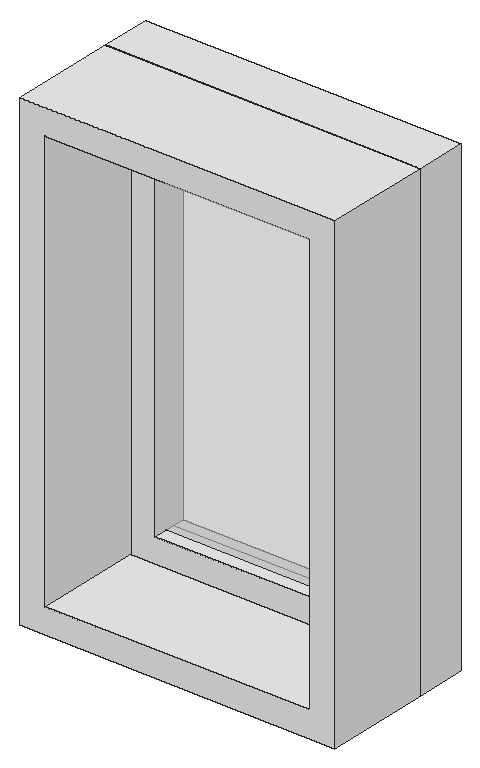
Revit family "Janela pivotande 1 folha", category Windows, host Wall, Revit 2016
Family settings
  Host = Wall
  OmniClass Number = 23.30.20.17.11
  OmniClass Title = Fixed Windows
  Always vertical = Yes
  Cut with Voids When Loaded = No
  Shared = No
  Room Calculation Point = No
Parameters (values of type "40 x 60 cm")
  Representação projeção [instance] = yes
  Caixilho externo = Alumínio escovado
  Caixilho interno = Alumínio escovado
  Vidraça = vidro Verde
  Height = 60 cm
  Acabamento = Alumínio escovado
  Default Sill Height = 110 cm
  Wall Closure = By host
  Width = 40 cm
  Window Inset = 2 cm
  Cost = 300
  Analytic Construction = "<None>"
Reference planes (cm)
  plane 1: y = 0
  plane 2 "Center": x = 0
  plane 3 "Left": x = -20
  plane 4 "Right": x = 20
  plane 5 "Sill": z = 110
  plane 6 "Head": z = 170
  plane 7: x = -18.1
  plane 8: x = 18.1
  plane 9: x = -16.8
  plane 10: x = 16.8
  plane 11: z = 168.1
  plane 12: z = 166.8
  plane 13: z = 113.2
  plane 14 "Closure": y = 6.6
Forms (cm)
  Extrusion 1, solid, material "Alumínio escovado" <- "Caixilho interno"
    sketch origin (0, 0, 0) x (-1, 0, 0) y (0, 0, 1)
      loop
        line (-20, 170) -> (-20, 110) -> (20, 110) -> (20, 170) -> (-20, 170)
      loop
        line (-16.8, 166.8) -> (-16.8, 113.2) -> (16.8, 113.2) -> (16.8, 166.8) -> (-16.8, 166.8)
    from -8.7 to 4.9
  Extrusion 2, solid, material "Alumínio escovado" <- "Caixilho externo"
    sketch origin (0, 0, 0) x (-1, 0, 0) y (0, 0, 1)
      loop
        line (-20, 170) -> (-20, 110) -> (20, 110) -> (20, 170) -> (-20, 170)
      loop
        line (-18.1, 168.1) -> (-18.1, 111.9) -> (18.1, 111.9) -> (18.1, 168.1) -> (-18.1, 168.1)
    from 4.9 to 11.3
  Extrusion 3, solid, material "Alumínio escovado" <- "Acabamento"
    sketch origin (0, 0, 0) x (-1, 0, 0) y (0, 0, 1)
      loop
        line (-18.1, 168.1) -> (-18.1, 111.9) -> (18.1, 111.9) -> (18.1, 168.1) -> (-18.1, 168.1)
      loop
        line (-13.7, 163.7) -> (-13.7, 116.3) -> (13.7, 116.3) -> (13.7, 163.7) -> (-13.7, 163.7)
    from 4.9 to 9.3
  Extrusion 4, solid, material "vidro Verde" <- "Vidraça"
    sketch origin (0, 0, 0) x (-1, 0, 0) y (0, 0, 1)
      loop
        line (-13.7, 163.7) -> (-13.7, 116.3) -> (13.7, 116.3) -> (13.7, 163.7) -> (-13.7, 163.7)
    from 6.5 to 7.7
Lines and regions (cm)
  Opening 1
    outline origin (350, -8.7, 0) x (1, 0, 0) y (0, 0, 1)
      loop
        line (-330, 110) -> (-330, 170) -> (-370, 170) -> (-370, 110) -> (-330, 110)
  Masking region 1
    outline origin (0, 0, 0) x (1, 0, 0) y (0, 1, 0)
      loop
        line (20, 11.3) -> (-20, 11.3) -> (-20, -8.7) -> (20, -8.7) -> (20, 11.3)
  symbolic lines, style "WindowsFrameMullionProjection"
    curve 1: line (-20, 11.3, 0) -> (-18.1, 11.3, 0)
    curve 2: line (-20, -8.7, 0) -> (-16.8, -8.7, 0)
    curve 3: line (-18.1, 9.3, 0) -> (-13.7, 9.3, 0)
    curve 4: line (-18.1, 4.9, 0) -> (-13.7, 4.9, 0)
    curve 5: line (-18.1, 11.3, 0) -> (-18.1, 4.9, 0)
    curve 6: line (-13.7, 9.3, 0) -> (-13.7, 4.9, 0)
    curve 7: line (-16.8, 4.9, 0) -> (-16.8, -8.7, 0)
    curve 8: line (19.8878, 11.3, 0) -> (18.1, 11.3, 0)
    curve 9: line (18.1, 11.3, 0) -> (18.1, 4.9, 0)
    curve 11: line (13.7, 9.3, 0) -> (13.7, 4.9, 0)
    curve 12: line (13.7, 4.9, 0) -> (18.1, 4.9, 0)
    curve 13: line (20, -8.7, 0) -> (16.8, -8.7, 0)
    curve 14: line (16.8, 4.9, 0) -> (16.8, -8.7, 0)
  symbolic lines, style "WindowsFrameMullionProjection", not visible
    curve 10: line (18.1, 9.3, 0) -> (13.7, 9.3, 0)
  symbolic lines, style "WindowsGlassProjection"
    curve 15: line (-13.7, 7.1, 0) -> (13.7, 7.1, 0)
  symbolic lines, style "WindowsHiddenLines"
    curve 16: line (-18.1, 9.3, 168.1) -> (0, 9.3, 113.2)
    curve 17: line (0, 9.3, 113.2) -> (18.1, 9.3, 168.1)
    curve 20: line (-20, 11.3, 0) -> (20, 11.3, 0)
    curve 22: line (20, -8.7, 0) -> (-20, -8.7, 0)
  symbolic lines, style "WindowsHiddenLines", visible <- "Representação projeção"
    curve 18: line (-18.1, 9.3, 0) -> (18.1, 9.3, 0)
    curve 19: line (18.1, 4.9, 0) -> (-18.1, 4.9, 0)
    curve 21: line (-20, -8.7, 0) -> (-20, 11.3, 0)
    curve 23: line (20, 11.3, 0) -> (20, -8.7, 0)
    curve 24: line (18.1, 11.3, 0) -> (18.1, -8.7, 0)
    curve 25: line (-18.1, 11.3, 0) -> (-18.1, -8.7, 0)
Text (cm)
  text "EXTERIOR" at (-139.4263, 83.6427, 0), in view "Floor Line"
  text "INTERIOR" at (-139.4263, -53.5979, 0), in view "Floor Line"
  text "Exterior" at (0, 31.4263, 327.3967), in view "Right"
  text "Exterior" at (0, 99.9457, 306.3296), in view "Left"
  text "Desenvolvido por Fernando Goes\n\ncontato: fernandogoes@outlook.com\n\ninstagram: @caradorevit" at (62.2866, 13.9615, 83.7047), in view "View 1"
Dimensions and locks (cm)
  equal spacing: plane 3 "Left", plane 2 "Center", plane 4 "Right"
  "Width": plane 3 "Left" to plane 4 "Right"
  "Height": plane 5 "Sill" to plane 6 "Head"
  "Default Sill Height": plane 5 "Sill" to level
  "Window Inset": host wall to Extrusion 3
  locked: Extrusion 3 to Extrusion 3 at 4.4
  locked: Extrusion 3 to Extrusion 4 at 1.6
  locked: Extrusion 4 to Extrusion 4 at 1.2
  locked: Extrusion 1 sketch curve to Extrusion 1 sketch curve at 3.2  (x2)
  locked: plane 3 "Left" to plane 7 at 1.9
  locked: plane 8 to plane 4 "Right" at 1.9
  locked: plane 10 to plane 4 "Right" at 3.2
  locked: plane 3 "Left" to plane 9 at 3.2
  locked: plane 11 to plane 6 "Head" at 1.9
  locked: plane 6 "Head" to plane 12 at 3.2
  locked: plane 13 to plane 5 "Sill" at 3.2
  locked: plane 14 "Closure" to host wall at 4.7
  aligned and locked: host wall to Extrusion 1
  aligned and locked: host wall to Extrusion 2
  aligned and locked: Extrusion 3 sketch curve to Extrusion 2  (x4)
  aligned and locked: Extrusion 3 to Extrusion 1
  aligned and locked: Extrusion 2 to Extrusion 1
  aligned and locked: Extrusion 4 sketch curve to Extrusion 3  (x4)
  aligned and locked: curve 1 to Extrusion 2  (x2)
  aligned and locked: Extrusion 1 to curve 2
  aligned and locked: curve 3 to Extrusion 3
  aligned and locked: curve 4 to Extrusion 2  (x2)
  aligned and locked: curve 5 to Extrusion 2
  aligned and locked: curve 6 to Extrusion 3
  aligned and locked: curve 7 to Extrusion 1
  aligned and locked: Extrusion 2 to curve 9
  aligned and locked: curve 10 to Extrusion 3
  aligned and locked: curve 11 to Extrusion 3
  aligned and locked: Extrusion 3 to curve 12
  aligned and locked: curve 13 to Extrusion 1  (x2)
  aligned and locked: curve 14 to Extrusion 1
  aligned and locked: Extrusion 2 to curve 8
  aligned and locked: plane 2 "Center" to curve 16
  aligned and locked: plane 13 to curve 17
  aligned and locked: curve 19 to curve 4
  aligned and locked: curve 18 to curve 3
  aligned and locked: plane 4 "Right" to curve 23
  aligned and locked: curve 21 to plane 3 "Left"
  aligned and locked: curve 20 to host wall
  aligned and locked: curve 22 to host wall
  aligned and locked: host wall to curve 25
  aligned and locked: host wall to curve 24
  aligned and locked: plane 8 to curve 24
  aligned and locked: plane 7 to curve 25
  aligned and locked: host wall to Masking region 1  (x2)
  aligned and locked: plane 3 "Left" to Masking region 1
  aligned and locked: Masking region 1 to plane 4 "Right"
Automatic sketch dimensions
  Extrusion 1 sketch curve to plane 5 "Sill" = 3.2 cm
  plane 6 "Head" to Extrusion 1 sketch curve = 3.2 cm
  plane 4 "Right" to Extrusion 2 sketch curve = 1.9 cm
  Extrusion 2 sketch curve to Extrusion 2 sketch curve = 1.9 cm
  Extrusion 2 sketch curve to plane 5 "Sill" = 1.9 cm
  plane 6 "Head" to Extrusion 2 sketch curve = 1.9 cm
  Extrusion 1 sketch curve to plane 4 "Right" = 0 cm
  Extrusion 1 sketch curve to plane 3 "Left" = 0 cm
  Extrusion 1 sketch curve to plane 5 "Sill" = 0 cm
  Extrusion 1 sketch curve to plane 6 "Head" = 0 cm
  Extrusion 2 sketch curve to plane 4 "Right" = 0 cm
  Extrusion 2 sketch curve to plane 3 "Left" = 0 cm
  Extrusion 2 sketch curve to plane 5 "Sill" = 0 cm
  Extrusion 2 sketch curve to plane 6 "Head" = 0 cm
  Opening 1 sketch curve to plane 3 "Left" = 0 cm
  Opening 1 sketch curve to plane 4 "Right" = 0 cm
  Opening 1 sketch curve to plane 5 "Sill" = 0 cm
  Opening 1 sketch curve to plane 6 "Head" = 0 cm
  host wall to curve 7 = 0 cm
  plane 4 "Right" to curve 8 = 0.1122 cm
  curve 15 to plane 14 "Closure" = 0.5 cm
  plane 10 to Extrusion 3 sketch curve = 3.1 cm
  Extrusion 3 sketch curve to plane 9 = 3.1 cm
  Extrusion 3 sketch curve to plane 13 = 3.1 cm
  plane 12 to Extrusion 3 sketch curve = 3.1 cm
  curve 17 to Extrusion 3 = 0 cm  (x2)
  curve 16 to Extrusion 3 = 0 cm
  Extrusion 3 to curve 16 = 0 cm
  plane 4 "Right" to Masking region 1 sketch curve = 40 cm
  Masking region 1 sketch curve to Masking region 1 sketch curve = 40 cm
  Masking region 1 sketch curve to host wall = 20 cm
  Masking region 1 sketch curve to Masking region 1 sketch curve = 20 cm
